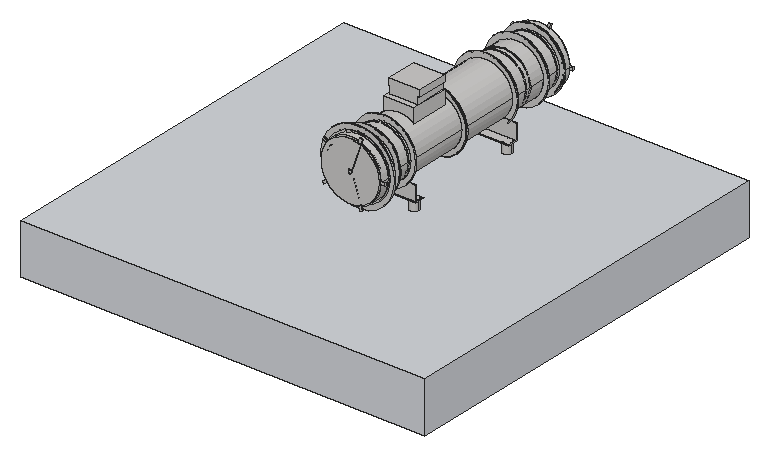
Revit family "HARMANN - REVIT - MAXEE - poziomy", category Wyposażenie mechaniczne, Revit 2025
Family settings
  Obiekt nadrzędny = Powierzchnia
  Wymiar okrągłego złącza = Użyj średnicy
  Klasyfikacja = Brak
  Typ części = Normalny
  Tnij formami wycięć po wczytaniu = Nie
  Zachowaj orientację opisów = Nie
  Współdzielony = Nie
  Punkt obliczania pomieszczeń = Nie
Parameters (values of type "MAXEE 315/2/5800T")
  Zaznacz wybrane akcesoria [instance] = "Wybierz akcesoria"  # constant formula
  Zasilanie natężenie maksymalne Imax = 1.9 A
  Zasilanie napięcie nominalne Unom = 400 V  # constant formula
  Zasilanie Moc maksymalna Pmax = 1380 W
  Zasilanie Ilość faz = 3  # constant formula
  Zasilanie Częstotliwość Nominalna fnom = 50 Hz  # constant formula
  Zasilanie Częstotliwość Minimalna fmin = 20 Hz  # constant formula
  Zasilanie Częstotliwość Maksymalna fmax = 60 Hz
  Wysokość FSD = size_lookup(Lookup Table Name, "Wysokość FSD", 1.00 mm, N1)  # 57.00 mm
  Wysokość FAL = size_lookup(Lookup Table Name, "Wysokość FAL", 1.00 mm, N1)  # 98.00 mm
  Wysokość = R2 - (Wysokość FAL / 2) + 8.00 mm  # 116.50 mm
  Temperatura pracy T = 60 °C  # constant formula
  TRA [instance] = and(D > 999.00 mm, D < 1251.00 mm)  # no
  Rzeczywista Wartość Przepływu Wylot [instance] = Podaj Rzeczywistą Wartość Przepływu Wylot  # 0.0 m³/h
  Rzeczywista Wartość Przepływu Wlot [instance] = Podaj Rzeczywistą Wartość Przepływu Wlot  # 0.0 m³/h
  R2 = D / 2  # 157.50 mm
  Wyłącznik serwisowy AS [instance] = 1 = 1  # yes
  Podaj Rzeczywistą Wartość Przepływu Wylot [instance] = 0.0 m³/h
  Podaj Rzeczywistą Wartość Przepływu Wlot [instance] = 0.0 m³/h
  Odległość pomiędzy stopami wentylatora [instance] = if(Czy Przyłącze okrągłe RVS, 3.00 mm, Długość RVS SPR + 3.00 mm)  # 3.00 mm
  Numer artykułu = "15413200"
  Długość RVS SPR [instance] = if(Czy Przyłącze okrągłe RVS, Długość RVS, 0.00 mm)  # 383.00 mm
  Długość RVK H SPR [instance] = if(Czy Klapa Zwrotna RVK H, Długość RVK H, 0.00 mm)  # 233.00 mm
  Długość RVK H [instance] = size_lookup(Lookup Table Name, "Długość RVK H F4", 1.00 mm, N1)  # 233.00 mm
  Długość EXP od strony tłoczonej SPR [instance] = if(Czy Złącze Elastyczne EXP, Długość EXP, 0.00 mm)  # 120.00 mm
  Długość EXP SPR [instance] = if(Czy Złącze Elastyczne EXP od strony tłocznej, Długość EXP, 0.00 mm)  # 120.00 mm
  Długość RAF SPR [instance] = if(Czy Kołnierz Wlotowy RAF od strony tłocznej, Długość RAF, 0.00 mm)  # 48.00 mm
  Długość ESD SPR [instance] = if(Czy Dysza wlotowa ESD, Długość ESD, 0.00 mm)  # 79.00 mm
  Czy Siatka Ochronna SGW od strony ssawnej [instance] = yes
  Czy Siatka Ochronna SGW od strony tłocznej [instance] = yes
  Czy Przyłącze okrągłe RVS [instance] = yes
  Powietrze ciśnienie statyczne maksymalne dPmax = 490.0 Pa
  Powietrze Przepływ Maksymalny Qmax = 5805.0 m³/h
  Obroty nominalne nnom = 3460.000 obr./min
  N1 = 2 mm
  Model = "MAXEE 315/2/5800T"
  Moc akustyczna nominalna obudowa Lwa = "75 dB(A)"
  Masa = 18.50 kg
  Producent = "Harmann Polska Sp. z o.o."  # constant formula
  MAXEE = HARMANN - MAXEE : MAXEE 315/2/5800T
  Lookup Table Name = "MAXEE"
  Klasa odporności ogniowej Tmax = "Brak"
  F = size_lookup(Lookup Table Name, "F", 1.00 mm, N1)  # 396.00 mm
  Długość TRA [instance] = if(Czy Przyłącze okrągłe RVS, Długość RVS + Długość MAXEE - (23.50 mm * 2), Długość MAXEE - (23.50 mm * 2))  # 719.00 mm
  Długość RVS [instance] = size_lookup(Lookup Table Name, "Długość RVS", 1.00 mm, N1)  # 383.00 mm
  Długość EXP [instance] = size_lookup(Lookup Table Name, "Długość RAS F4", 1.00 mm, N1)  # 120.00 mm
  Długość RAF [instance] = size_lookup(Lookup Table Name, "Długość RAF", 1.00 mm, N1)  # 48.00 mm
  Długość MAXEE = size_lookup(Lookup Table Name, "B", 1.00 mm, N1)  # 383.00 mm
  Długość ESD [instance] = size_lookup(Lookup Table Name, "Długość ESD", 1.00 mm, N1)  # 79.00 mm
  Opis = "Kanałowy wentylator bytowy"  # constant formula
  Domyślna rzędna = 1219.20 mm
  D2 = D + 6.00 mm  # 321.00 mm
  D = size_lookup(Lookup Table Name, "D", 1.00 mm, N1)  # 315.00 mm
  Czy Złącze Elastyczne EXP [instance] = yes
  Czy Złącze Elastyczne EXP od strony tłocznej [instance] = yes
  Czy Kołnierz Wlotowy RAF od strony tłocznej [instance] = 1 = 1  # yes
  Czy Kołnierz Wlotowy RAF od strony ssawnej [instance] = 1 = 1  # yes
  Czy Klapa Zwrotna RVK H [instance] = yes
  Czy Dysza wlotowa ESD [instance] = yes
  Ciśnienie akustyczne nominalne obudowa Lpa = "68 dB(A)"
  C = size_lookup(Lookup Table Name, "C", 1.00 mm, N1)  # 355.00 mm
  B = size_lookup(Lookup Table Name, "B", 1.00 mm, N1)  # 383.00 mm
  Autor = "https://www.archispace.com/"
  Akcesoria od strony tłocznej (WYLOT) [instance] = "Akcesoria od strony tłocznej"  # constant formula
  Akcesoria od strony ssawnej (WLOT) [instance] = "Akcesoria od strony ssawnej"  # constant formula
  Akc SGE dla ESD = HARMANN - Akcesoria - SGE : SGE 355
  Akc SGE = HARMANN - Akcesoria - SGE : SGE 315
  Akc RVS = HARMANN - Akcesoria - RVS : RVS 315
  Akc RVK H = HARMANN - Akcesoria - RVK H : RVK H 315
  Akc EXP = HARMANN - Akcesoria - EXP : EXP 315
  Akc RAF = HARMANN - Akcesoria - RAF : RAF 315
  Akc FSD = HARMANN - Akcesoria - FSD : FSD 01
  Akc FAL = HARMANN - Akcesoria - FAL : FAL 315
  Akc ESD = HARMANN - Akcesoria - ESD : ESD 315
  A = size_lookup(Lookup Table Name, "A", 1.00 mm, N1)  # 380.00 mm
Reference planes
  plane 1 "Center (Front/Back)": y = 0
  plane 2: z = 0
  plane 3 "Center (Left/Right)": x = 0
  plane 4: z = 57
  plane 5: z = 271.5
  plane 6: y = 766
  plane 7: y = 383
  plane 8: y = -120
  plane 9: y = -199
  plane 10: y = 1119
  plane 11: y = 1167
  plane 12: y = 999
  plane 13: y = 54
  plane 14: y = 763
  plane 15: x = -190
  plane 16: x = 190
  plane 17: z = 155
  plane 18: y = -247
Forms (mm)
  Extrusion 1, solid
    sketch origin (0, 0, 0) x (1, 0, 0) y (0, 1, 0)
      loop
        line (-1219.2, 1219.2) -> (-1219.2, -1219.2) -> (1219.2, -1219.2) -> (1219.2, 1219.2) -> (-1219.2, 1219.2)
    from 0 to -304.8
Dimensions and locks
  "Wysokość FSD": plane 4 to level
  "Wysokość": plane 5 to plane 17
  "Długość RVS SPR": plane 6 to plane 7
  "Długość MAXEE": plane 1 "Center (Front/Back)" to plane 7
  "Długość EXP od strony tłoczonej SPR": plane 8 to plane 1 "Center (Front/Back)"
  "Długość ESD SPR": plane 8 to plane 9
  "Długość RAF SPR": plane 11 to plane 10
  "Długość RVK H SPR": plane 12 to plane 6
  "Długość EXP SPR": plane 10 to plane 12
  locked: plane 13 to plane 1 "Center (Front/Back)" at 54
  "Odległość pomiędzy stopami wentylatora": plane 6 to plane 14
  equal spacing: plane 15, plane 3 "Center (Left/Right)", plane 16
  "A": plane 15 to plane 16
  locked: plane 15 to nested 17 at 32.5
  locked: plane 14 to nested 17 at 5
  "Wysokość FAL": plane 17 to plane 4
  locked: nested 21 to plane 16 at 32.5
  locked: plane 14 to nested 21 at 31
  locked: plane 1 "Center (Front/Back)" to nested 23 at 31
  locked: plane 1 "Center (Front/Back)" to nested 22 at 31
  locked: plane 15 to nested 22 at 32.5
  locked: nested 23 to plane 16 at 32.5
  plane 5 to level = 271.50 mm
  locked: plane 1 "Center (Front/Back)" to nested 24 at 23.5
  locked: plane 1 "Center (Front/Back)" to nested 25 at 23.5
  "Długość RAF SPR": plane 9 to plane 18
  nested 26 to plane 16 = 190.00 mm
  aligned and locked: plane 2 to Extrusion 1
  aligned and locked: level to Extrusion 1
  aligned and locked: plane 3 "Center (Left/Right)" to nested 3
  aligned and locked: plane 5 to nested 3
  aligned and locked: nested 3 to plane 6
  aligned and locked: plane 1 "Center (Front/Back)" to nested 5
  aligned and locked: plane 3 "Center (Left/Right)" to nested 5
  aligned and locked: plane 5 to nested 5
  aligned and locked: plane 3 "Center (Left/Right)" to nested 1
  aligned and locked: plane 3 "Center (Left/Right)" to nested 6
  aligned and locked: plane 3 "Center (Left/Right)" to nested 2
  aligned and locked: plane 5 to nested 7
  aligned and locked: plane 5 to nested 6
  aligned and locked: plane 5 to nested 1
  aligned and locked: plane 5 to nested 2
  aligned and locked: plane 1 "Center (Front/Back)" to nested 6
  aligned and locked: nested 7 to plane 9
  aligned and locked: plane 3 "Center (Left/Right)" to nested 7
  aligned and locked: nested 1 to plane 10
  aligned and locked: nested 2 to plane 11
  aligned and locked: plane 5 to nested 12
  aligned and locked: plane 3 "Center (Left/Right)" to nested 12
  aligned and locked: nested 12 to plane 12
  aligned and locked: nested 15 to plane 3 "Center (Left/Right)"
  aligned and locked: plane 3 "Center (Left/Right)" to nested 16
  aligned and locked: nested 16 to plane 11
  aligned and locked: nested 19 to plane 14
  aligned and locked: plane 3 "Center (Left/Right)" to nested 19
  aligned and locked: plane 1 "Center (Front/Back)" to nested 20
  aligned and locked: nested 20 to plane 3 "Center (Left/Right)"
  aligned and locked: nested 19 to plane 4
  aligned and locked: plane 4 to nested 20
  aligned and locked: nested 24 to plane 16
  aligned and locked: nested 25 to plane 15
  aligned and locked: nested 25 to plane 4
  aligned and locked: plane 4 to nested 24
  aligned and locked: nested 26 to plane 3 "Center (Left/Right)"
  aligned and locked: nested 15 to plane 18
  aligned and locked: plane 5 to nested 26
  aligned and locked: plane 5 to nested 15
  aligned and locked: nested 26 to plane 18
  aligned and locked: plane 5 to nested 16
Automatic sketch dimensions
  Extrusion 1 sketch curve to Extrusion 1 sketch curve = 2438.40 mm  (x2)
Nested families
  nested 1: "HARMANN - Akcesoria - EXP" at (0, 999, 271.5), visible <- "Czy Złącze Elastyczne EXP od strony tłocznej", type <- "Akc EXP", type "EXP 315"
  nested 2: "HARMANN - Akcesoria - RAF" at (0, 1119, 271.5), type <- "Akc RAF", visible <- "Czy Kołnierz Wlotowy RAF od strony tłocznej", type "RAF 315"
  nested 3: "HARMANN - Akcesoria - RVS" at (0, 383, 271.5), type <- "Akc RVS", visible <- "Czy Przyłącze okrągłe RVS", type "RVS 315"
  nested 4: "HARMANN - Akcesoria - RVS" at (0, 383, 758), type <- "Akc RVS", visible <- "Czy Przyłącze okrągłe RVS", type "RVS 315", not visible
  nested 5: "HARMANN - MAXEE" at (0, 0, 271.5), type <- "MAXEE", type "MAXEE 315/2/5800T"
  nested 6: "HARMANN - Akcesoria - EXP" at (0, -120, 271.5), visible <- "Czy Złącze Elastyczne EXP", type <- "Akc EXP", type "EXP 315"
  nested 7: "HARMANN - Akcesoria - ESD" at (0, -199, 271.5), type <- "Akc ESD", visible <- "Czy Dysza wlotowa ESD", type "ESD 315"
  nested 8: "HARMANN - Akcesoria - EXP" at (0, -120, 758), visible <- "Czy Złącze Elastyczne EXP", type <- "Akc EXP", type "EXP 315", not visible
  nested 9: "HARMANN - Akcesoria - ESD" at (0, -759, 758), type <- "Akc ESD", visible <- "Czy Dysza wlotowa ESD", type "ESD 315", not visible
  nested 10: "HARMANN - Akcesoria - EXP" at (0, 1306, 758), visible <- "Czy Złącze Elastyczne EXP od strony tłocznej", type <- "Akc EXP", type "EXP 315", not visible
  nested 11: "HARMANN - Akcesoria - RAF" at (0, 1526, 758), type <- "Akc RAF", visible <- "Czy Kołnierz Wlotowy RAF od strony tłocznej", type "RAF 315", not visible
  nested 12: "HARMANN - Akcesoria - RVK H" at (0, 766, 271.5), visible <- "Czy Klapa Zwrotna RVK H", type <- "Akc RVK H", type "RVK H 315"
    with N1 1 mm, E 233.00 mm, D 319.00 mm, B 315.00 mm, A2 385.00 mm, A 355.00 mm
  nested 13: "HARMANN - Akcesoria - RVK H" at (0, 833, 415.5), visible <- "Czy Klapa Zwrotna RVK H", type <- "Akc RVK H", type "RVK H 315", not visible
    with N1 1 mm, E 233.00 mm, D 319.00 mm, B 315.00 mm, A2 385.00 mm, A 355.00 mm
  nested 14: "HARMANN - Akcesoria - SGE" at (0, -431, 758), visible <- "Czy Siatka Ochronna SGW od strony ssawnej", type <- "Akc SGE dla ESD", type "SGE 355", not visible
  nested 15: "HARMANN - Akcesoria - SGE" at (0, -247, 271.5), visible <- "Czy Siatka Ochronna SGW od strony ssawnej", type <- "Akc SGE dla ESD", type "SGE 355"
  nested 16: "HARMANN - Akcesoria - SGE" at (0, 1167, 271.5), visible <- "Czy Siatka Ochronna SGW od strony tłocznej", type <- "Akc SGE dla ESD", type "SGE 355"
  nested 17: "HARMANN - Akcesoria - FSD" at (-157.5, 732, 0), type <- "Akc FSD", type "FSD 01"
  nested 18: "HARMANN - Akcesoria - SGE" at (0, 1167, 647), visible <- "Czy Siatka Ochronna SGW od strony tłocznej", type <- "Akc SGE dla ESD", type "SGE 355", not visible
  nested 19: "HARMANN - Akcesoria - FAL" at (0, 763, 57), type <- "Akc FAL", R2 <- "R2", type "FAL 315"
    with R2 157.50 mm
  nested 20: "HARMANN - Akcesoria - FAL" at (0, 0, 57), type <- "Akc FAL", R2 <- "R2", type "FAL 315"
    with R2 157.50 mm
  nested 21: "HARMANN - Akcesoria - FSD" at (157.5, 732, 0), type <- "Akc FSD", type "FSD 01"
  nested 22: "HARMANN - Akcesoria - FSD" at (-157.5, 31, 0), type <- "Akc FSD", type "FSD 01"
  nested 23: "HARMANN - Akcesoria - FSD" at (157.5, 31, 0), type <- "Akc FSD", type "FSD 01"
  nested 24: "HARMANN - Akcesoria - TRA" at (190, 383, 57) x (0, 1, 0) z (0, 0, 1), visible <- "TRA", C <- "Długość TRA", type "HARMANN - Akcesoria - TRA"
    with C 719.00 mm
  nested 25: "HARMANN - Akcesoria - TRA" at (-190, 383, 57) x (0, 1, 0) z (0, 0, 1), visible <- "TRA", C <- "Długość TRA", type "HARMANN - Akcesoria - TRA"
    with C 719.00 mm
  nested 26: "HARMANN - Akcesoria - RAF" at (0, -199, 271.5), type <- "Akc RAF", visible <- "Czy Kołnierz Wlotowy RAF od strony ssawnej", type "RAF 315"
  nested 27: "HARMANN - Akcesoria - RAF" at (0, -799, 727), type <- "Akc RAF", visible <- "Czy Kołnierz Wlotowy RAF od strony ssawnej", type "RAF 315", not visible
Connectors
  electrical at (0, 244.75, 564), driven by "Zasilanie Ilość faz", driven by "Zasilanie napięcie nominalne Unom", driven by "Zasilanie Moc maksymalna Pmax", driven by "Zasilanie Moc maksymalna Pmax"
    settings: on nested 5, index 1, voltage 400 V, apparent load 1380 VA, apparent load phase1 1380 VA, apparent load phase2 0 VA, apparent load phase3 0 VA, power factor 1, load classification "Other", number of poles 3, system type 30, power factor state 1, is connector primary yes, connector utility no, sub classification motor no, connector description ""
  hvac at (0, 1119, 271.5), driven by "D", driven by "Rzeczywista Wartość Przepływu Wylot"
    settings: on nested 2, index 2, duct flow 0.0 m³/h, flow factor 0, pres drop 0.0 Pa, loss coef 0, conn angle 0.00°, conn width 304.8 mm, conn height 304.8 mm, conn diameter 315 mm, duct sys type 29, conn prof type 0, flow config 0, flow direction 2, loss method 0, conn ref index -1, conn util no, is conn primary yes, conn desc ""
  hvac at (0, -199, 271.5), driven by "D", driven by "Rzeczywista Wartość Przepływu Wlot"
    settings: on nested 26, index 3, duct flow 0.0 m³/h, flow factor 0, pres drop 0.0 Pa, loss coef 0, conn angle 0.00°, conn width 304.8 mm, conn height 304.8 mm, conn diameter 315 mm, duct sys type 29, conn prof type 0, flow config 1, flow direction 1, loss method 0, conn ref index -1, conn util no, is conn primary no, conn desc ""
Definition of nested family "HARMANN - Akcesoria - EXP"
  Parameters (values of type "RAS 315 F4")
    N1 = 1 mm
    Model = size_lookup(Lookup Table Name, "Model", "n/a", N1)  # "RAS 315 F4"
    Masa = 2.70 kg
    Manufacturer = "Harmann Polska Sp. z o.o."  # constant formula
    Lookup Table Name = "RAS F4"
    E = size_lookup(Lookup Table Name, "E", 1.00 mm, N1)  # 120.00 mm
    Description = "Złącze elastyczne"  # constant formula
    Default Elevation = 0.00 mm
    D = B + 4.00 mm  # 319.00 mm
    B = size_lookup(Lookup Table Name, "B", 1.00 mm, N1)  # 315.00 mm
    A2 = A + 30.00 mm  # 385.00 mm
    A = size_lookup(Lookup Table Name, "A", 1.00 mm, N1)  # 355.00 mm
  Types (13, lengths in mm): name | N1 | Model | Masa | E | D | B | A2 | A
    RAS 1000 F4 | 11 | "RAS 1000 F4" | 16.50 kg | 245.00 | 1004.00 | 1000.00 | 1100.00 | 1070.00
    RAS 315 F4 | 1 | "RAS 315 F4" | 2.70 kg | 120.00 | 319.00 | 315.00 | 385.00 | 355.00
    RAS 355 F4 | 2 | "RAS 355 F4" | 3.30 kg | 120.00 | 359.00 | 355.00 | 425.00 | 395.00
    RAS 400 F4 | 3 | "RAS 400 F4" | 3.70 kg | 105.00 | 404.00 | 400.00 | 480.00 | 450.00
    RAS 450 F4 | 4 | "RAS 450 F4" | 4.50 kg | 105.00 | 454.00 | 450.00 | 530.00 | 500.00
    RAS 500 F4 | 5 | "RAS 500 F4" | 6.00 kg | 153.00 | 504.00 | 500.00 | 590.00 | 560.00
    RAS 560 F4 | 6 | "RAS 560 F4" | 6.60 kg | 153.00 | 564.00 | 560.00 | 650.00 | 620.00
    RAS 630 F4 | 7 | "RAS 630 F4" | 7.40 kg | 153.00 | 634.00 | 630.00 | 720.00 | 690.00
    RAS 710 F4 | 8 | "RAS 710 F4" | 12.50 kg | 255.00 | 714.00 | 710.00 | 800.00 | 770.00
    RAS 800 F4 | 9 | "RAS 800 F4" | 13.20 kg | 255.00 | 804.00 | 800.00 | 890.00 | 860.00
    RAS 900 F4 | 10 | "RAS 900 F4" | 14.90 kg | 245.00 | 904.00 | 900.00 | 1000.00 | 970.00
    RAS 1120 F4 | 12 | "RAS 1120 F4" | 18.50 kg | 235.00 | 1124.00 | 1120.00 | 1220.00 | 1190.00
    RAS 1250 F4 | 13 | "RAS 1250 F4" | 20.60 kg | 235.00 | 1254.00 | 1250.00 | 1350.00 | 1320.00
  Reference planes
    plane 1 "Center (Front/Back)": y = 0
    plane 2: z = 0
    plane 3 "Center (Left/Right)": x = 0
    plane 4: x = -177.5
    plane 5: x = 177.5
    plane 6: z = 177.5
    plane 7: z = -177.5
    plane 8: y = 120
    plane 9 "Center L/S": y = 3
    plane 10: y = 117
    plane 11: y = 20
    plane 12: y = 100
  Forms (mm)
    Sweep 1, solid, detail levels medium+fine
      path origin (0, 0, 0) x (1, 0, 0) y (0, 1, 0)
        loop
          line (0, 117) -> (0, 3)
      profile origin (0, 60, 0) x (1, 0, 0) y (0, 0, 1)
        loop
          circle (0, 0) r 159.5
        loop
          circle (0, 0) r 157.5
    Sweep 2, solid, detail levels medium+fine
      path origin (0, 0, 0) x (1, 0, 0) y (0, 1, 0)
        loop
          line (0, 120) -> (0, 117)
      profile origin (0, 118.5, 0) x (1, 0, 0) y (0, 0, 1)
        loop
          circle (0, 0) r 192.5
        loop
          circle (0, 0) r 157.5
    Sweep 3, solid, detail levels medium+fine
      path origin (0, 0, 0) x (1, 0, 0) y (0, 1, 0)
        loop
          line (0, 3) -> (0, 0)
      profile origin (0, 1.5, 0) x (1, 0, 0) y (0, 0, 1)
        loop
          circle (0, 0) r 192.5
        loop
          circle (0, 0) r 157.5
    Sweep 4, solid, detail levels coarse
      path origin (0, 0, 0) x (1, 0, 0) y (0, 1, 0)
        loop
          line (0, 120) -> (0, 0)
      profile origin (0, 60, 0) x (1, 0, 0) y (0, 0, 1)
        loop
          circle (0, 0) r 192.5
    Sweep 5, solid, detail levels medium+fine
      path origin (0, 0, 0) x (1, 0, 0) y (0, 1, 0)
        loop
          line (0, 102) -> (0, 98)
      profile origin (0, 100, 0) x (1, 0, 0) y (0, 0, 1)
        loop
          circle (0, 0) r 159.5
        loop
          circle (0, 0) r 157.5
    Sweep 6, solid, detail levels medium+fine
      path origin (0, 0, 0) x (1, 0, 0) y (0, 1, 0)
        loop
          line (0, 22) -> (0, 18)
      profile origin (0, 20, 0) x (1, 0, 0) y (0, 0, 1)
        loop
          circle (0, 0) r 159.5
        loop
          circle (0, 0) r 157.5
  Dimensions and locks
    equal spacing: plane 5, plane 3 "Center (Left/Right)", plane 4
    "A": plane 5 to plane 4
    equal spacing: plane 6, level, plane 7
    "A": plane 6 to plane 7
    locked: plane 1 "Center (Front/Back)" to plane 9 "Center L/S" at 3
    locked: plane 10 to plane 8 at 3
    locked: plane 11 to plane 8 at 100
    "E": plane 1 "Center (Front/Back)" to plane 8
    locked: plane 1 "Center (Front/Back)" to plane 12 at 100
    equal spacing: Sweep 5 sketch curve, plane 12, Sweep 5 sketch curve
    Sweep 5 sketch curve to Sweep 5 sketch curve = 4.00 mm
    locked: Sweep 6 sketch curve to Sweep 6 sketch curve at 4
    equal spacing: Sweep 6 sketch curve, plane 11, Sweep 6 sketch curve
    "B": diameter of Sweep 1 sketch curve
    "B": diameter of Sweep 2 sketch curve
    "A2": diameter of Sweep 2 sketch curve
    "B": diameter of Sweep 3 sketch curve
    "A2": diameter of Sweep 3 sketch curve
    "A2": diameter of Sweep 4 sketch curve
    "D": diameter of Sweep 1 sketch curve
    "D": diameter of Sweep 5 sketch curve
    "B": diameter of Sweep 5 sketch curve
    "D": diameter of Sweep 6 sketch curve
    "B": diameter of Sweep 6 sketch curve
    aligned and locked: level to plane 2
    aligned and locked: Sweep 1 sketch curve to plane 3 "Center (Left/Right)"
    aligned and locked: plane 10 to Sweep 1 sketch curve
    aligned and locked: plane 9 "Center L/S" to Sweep 1 sketch curve
    aligned and locked: Sweep 2 sketch curve to plane 3 "Center (Left/Right)"
    aligned and locked: plane 8 to Sweep 2 sketch curve
    aligned and locked: plane 10 to Sweep 2 sketch curve
    aligned and locked: plane 1 "Center (Front/Back)" to Sweep 3 sketch curve
    aligned and locked: plane 9 "Center L/S" to Sweep 3 sketch curve
    aligned and locked: plane 8 to Sweep 4 sketch curve
    aligned and locked: plane 1 "Center (Front/Back)" to Sweep 4 sketch curve
  Automatic sketch dimensions
    Sweep 3 sketch curve to plane 3 "Center (Left/Right)" = 0.00 mm
    Sweep 4 sketch curve to plane 3 "Center (Left/Right)" = 0.00 mm
    Sweep 5 sketch curve to plane 3 "Center (Left/Right)" = 0.00 mm
    Sweep 6 sketch curve to plane 3 "Center (Left/Right)" = 0.00 mm
    Sweep 1 sketch curve to Sweep 1 sketch curve = 0.00 mm  (x2)
    Sweep 1 sketch curve to level = 0.00 mm
    profile plane to Sweep 1 sketch curve = 0.00 mm
    Sweep 2 sketch curve to Sweep 2 sketch curve = 0.00 mm  (x2)
    Sweep 2 sketch curve to level = 0.00 mm
    profile plane to Sweep 2 sketch curve = 0.00 mm
    Sweep 3 sketch curve to Sweep 3 sketch curve = 0.00 mm  (x2)
    Sweep 3 sketch curve to level = 0.00 mm
    profile plane to Sweep 3 sketch curve = 0.00 mm
    Sweep 4 sketch curve to level = 0.00 mm
    profile plane to Sweep 4 sketch curve = 0.00 mm
    Sweep 5 sketch curve to Sweep 5 sketch curve = 0.00 mm  (x2)
    Sweep 5 sketch curve to level = 0.00 mm
    profile plane to Sweep 5 sketch curve = 0.00 mm
    Sweep 6 sketch curve to Sweep 6 sketch curve = 0.00 mm  (x2)
    Sweep 6 sketch curve to level = 0.00 mm
    profile plane to Sweep 6 sketch curve = 0.00 mm
Definition of nested family "HARMANN - Akcesoria - RAF"
  Parameters (values of type "RAF 1250")
    Numer artykułu = size_lookup(Lookup Table Name, "Numer artykułu", "n/a", N1)  # "15750300"
    N1 = 13 mm
    Model = size_lookup(Lookup Table Name, "Model", "n/a", N1)  # "RAF 1250"
    Manufacturer = "Harmann Polska Sp. z o.o."  # constant formula
    Lookup Table Name = "RAF"
    E = size_lookup(Lookup Table Name, "E", 1.00 mm, N1)  # 105.00 mm
    Description = "Kołnierz wlotowy dedykowany dla wentylatorów kanałowych MAXEE."
    Default Elevation = 0.00 mm
    B = size_lookup(Lookup Table Name, "B", 1.00 mm, N1)  # 1244.00 mm
    A2 = A + 30.00 mm  # 1350.00 mm
    B2 = B + 54.00 mm  # 1298.00 mm
    A = size_lookup(Lookup Table Name, "A", 1.00 mm, N1)  # 1320.00 mm
  Types (13, lengths in mm): name | Numer artykułu | N1 | Model | E | B | A2 | B2 | A
    RAF 1000 | "15741400" | 11 | "RAF 1000" | 110.00 | 994.00 | 1100.00 | 1048.00 | 1070.00
    RAF 315 | "15401600" | 1 | "RAF 315" | 48.00 | 310.00 | 385.00 | 364.00 | 355.00
    RAF 355 | "15401800" | 2 | "RAF 355" | 48.00 | 350.00 | 425.00 | 404.00 | 395.00
    RAF 400 | "15401900" | 3 | "RAF 400" | 40.00 | 395.00 | 480.00 | 449.00 | 450.00
    RAF 450 | "15402000" | 4 | "RAF 450" | 40.00 | 446.00 | 530.00 | 500.00 | 500.00
    RAF 500 | "15402100" | 5 | "RAF 500" | 63.00 | 495.00 | 590.00 | 549.00 | 560.00
    RAF 560 | "15402200" | 6 | "RAF 560" | 63.00 | 555.00 | 650.00 | 609.00 | 620.00
    RAF 630 | "15402300" | 7 | "RAF 630" | 63.00 | 625.00 | 720.00 | 679.00 | 690.00
    RAF 710 | "15402400" | 8 | "RAF 710" | 59.00 | 705.00 | 800.00 | 759.00 | 770.00
    RAF 800 | "15739500" | 9 | "RAF 800" | 58.00 | 794.00 | 890.00 | 848.00 | 860.00
    RAF 900 | "15740600" | 10 | "RAF 900" | 53.00 | 894.00 | 1000.00 | 948.00 | 970.00
    RAF 1120 | "15749700" | 12 | "RAF 1120" | 105.00 | 1114.00 | 1220.00 | 1168.00 | 1190.00
    RAF 1250 | "15750300" | 13 | "RAF 1250" | 105.00 | 1244.00 | 1350.00 | 1298.00 | 1320.00
  Reference planes
    plane 1 "Center (Front/Back)": y = 0
    plane 2: z = 0
    plane 3 "Center (Left/Right)": x = 0
    plane 4: x = -660
    plane 5: x = 660
    plane 6: z = 660
    plane 7: z = -660
    plane 8: y = 105
    plane 9 "Center L/S": y = 3
  Forms (mm)
    Sweep 1, solid, detail levels medium+fine
      path origin (0, 0, 0) x (1, 0, 0) y (0, 1, 0)
        loop
          line (0, 105) -> (0, 3)
      profile origin (0, 54, 0) x (1, 0, 0) y (0, 0, 1)
        loop
          circle (0, 0) r 622
        loop
          circle (0, 0) r 649
    Sweep 2, solid, detail levels medium+fine
      path origin (0, 0, 0) x (1, 0, 0) y (0, 1, 0)
        loop
          line (0, 3) -> (0, 0)
      profile origin (0, 1.5, 0) x (1, 0, 0) y (0, 0, 1)
        loop
          circle (0, 0) r 675
        loop
          circle (0, 0) r 622
    Sweep 3, solid, detail levels coarse
      path origin (0, 0, 0) x (1, 0, 0) y (0, 1, 0)
        loop
          line (0, 105) -> (0, 0)
      profile origin (0, 52.5, 0) x (1, 0, 0) y (0, 0, 1)
        loop
          circle (0, 0) r 675
  Dimensions and locks
    equal spacing: plane 5, plane 3 "Center (Left/Right)", plane 4
    "A": plane 5 to plane 4
    equal spacing: plane 6, level, plane 7
    "A": plane 6 to plane 7
    locked: plane 1 "Center (Front/Back)" to plane 9 "Center L/S" at 3
    "E": plane 1 "Center (Front/Back)" to plane 8
    "B2": diameter of Sweep 1 sketch curve
    "B": diameter of Sweep 2 sketch curve
    "A2": diameter of Sweep 2 sketch curve
    "A2": diameter of Sweep 3 sketch curve
    "B": diameter of Sweep 1 sketch curve
    aligned and locked: level to plane 2
    aligned and locked: Sweep 1 sketch curve to plane 3 "Center (Left/Right)"
    aligned and locked: plane 9 "Center L/S" to Sweep 1 sketch curve
    aligned and locked: plane 1 "Center (Front/Back)" to Sweep 2 sketch curve
    aligned and locked: plane 9 "Center L/S" to Sweep 2 sketch curve
    aligned and locked: plane 8 to Sweep 3 sketch curve
    aligned and locked: plane 1 "Center (Front/Back)" to Sweep 3 sketch curve
    aligned and locked: plane 8 to Sweep 1 sketch curve
  Automatic sketch dimensions
    Sweep 2 sketch curve to plane 3 "Center (Left/Right)" = 0.00 mm
    Sweep 3 sketch curve to plane 3 "Center (Left/Right)" = 0.00 mm
    Sweep 1 sketch curve to Sweep 1 sketch curve = 0.00 mm  (x2)
    Sweep 1 sketch curve to level = 0.00 mm
    profile plane to Sweep 1 sketch curve = 0.00 mm
    Sweep 2 sketch curve to Sweep 2 sketch curve = 0.00 mm  (x2)
    Sweep 2 sketch curve to level = 0.00 mm
    profile plane to Sweep 2 sketch curve = 0.00 mm
    Sweep 3 sketch curve to level = 0.00 mm
    profile plane to Sweep 3 sketch curve = 0.00 mm
Definition of nested family "HARMANN - Akcesoria - RVS"
  Parameters (values of type "RVS 1250")
    N1 = 13 mm
    Model = size_lookup(Lookup Table Name, "Model", "n/a", N1)  # "RVS 1250"
    Manufacturer = "Harmann Polska Sp. z o.o."  # constant formula
    Lookup Table Name = "RVS"
    E = size_lookup(Lookup Table Name, "E", 1.00 mm, N1)  # 308.00 mm
    Description = "Przyłącze okrągłe"  # constant formula
    Default Elevation = 0.00 mm
    B2 = B + 6.00 mm  # 1256.00 mm
    B = size_lookup(Lookup Table Name, "B", 1.00 mm, N1)  # 1250.00 mm
    A2 = A + 30.00 mm  # 1350.00 mm
    A = size_lookup(Lookup Table Name, "A", 1.00 mm, N1)  # 1320.00 mm
  Types (13, lengths in mm): name | N1 | Model | E | B2 | B | A2 | A
    RVS 1000 | 11 | "RVS 1000" | 318.00 | 1006.00 | 1000.00 | 1100.00 | 1070.00
    RVS 315 | 1 | "RVS 315" | 383.00 | 321.00 | 315.00 | 385.00 | 355.00
    RVS 355 | 2 | "RVS 355" | 368.00 | 321.00 | 315.00 | 385.00 | 355.00
    RVS 400 | 3 | "RVS 400" | 368.00 | 406.00 | 400.00 | 480.00 | 450.00
    RVS 450 | 4 | "RVS 450" | 368.00 | 456.00 | 450.00 | 530.00 | 500.00
    RVS 500 | 5 | "RVS 500" | 443.00 | 506.00 | 500.00 | 590.00 | 560.00
    RVS 560 | 6 | "RVS 560" | 443.00 | 566.00 | 560.00 | 650.00 | 620.00
    RVS 630 | 7 | "RVS 630" | 443.00 | 636.00 | 630.00 | 720.00 | 690.00
    RVS 710 | 8 | "RVS 710" | 433.00 | 716.00 | 710.00 | 800.00 | 770.00
    RVS 800 | 9 | "RVS 800" | 328.00 | 806.00 | 800.00 | 890.00 | 860.00
    RVS 900 | 10 | "RVS 900" | 318.00 | 906.00 | 900.00 | 1000.00 | 970.00
    RVS 1120 | 12 | "RVS 1120" | 308.00 | 1126.00 | 1120.00 | 1220.00 | 1190.00
    RVS 1250 | 13 | "RVS 1250" | 308.00 | 1256.00 | 1250.00 | 1350.00 | 1320.00
  Reference planes
    plane 1 "Center (Front/Back)": y = 0
    plane 2: z = 0
    plane 3 "Center (Left/Right)": x = 0
    plane 4: x = -660
    plane 5: x = 660
    plane 6: z = 660
    plane 7: z = -660
    plane 8: y = 308
    plane 9 "Center L/S": y = 3
    plane 10: y = 305
    plane 11: y = 208
    plane 12: y = 318
  Forms (mm)
    Sweep 1, solid, detail levels medium+fine
      path origin (0, 0, 0) x (1, 0, 0) y (0, 1, 0)
        loop
          line (0, 305) -> (0, 3)
      profile origin (0, 154, 0) x (1, 0, 0) y (0, 0, 1)
        loop
          circle (0, 0) r 628
        loop
          circle (0, 0) r 625
    Sweep 2, solid, detail levels medium+fine
      path origin (0, 0, 0) x (1, 0, 0) y (0, 1, 0)
        loop
          line (0, 308) -> (0, 305)
      profile origin (0, 306.5, 0) x (1, 0, 0) y (0, 0, 1)
        loop
          circle (0, 0) r 675
        loop
          circle (0, 0) r 625
    Sweep 3, solid, detail levels medium+fine
      path origin (0, 0, 0) x (1, 0, 0) y (0, 1, 0)
        loop
          line (0, 3) -> (0, 0)
      profile origin (0, 1.5, 0) x (1, 0, 0) y (0, 0, 1)
        loop
          circle (0, 0) r 675
        loop
          circle (0, 0) r 625
    Sweep 4, solid, detail levels coarse
      path origin (0, 0, 0) x (1, 0, 0) y (0, 1, 0)
        loop
          line (0, 308) -> (0, 0)
      profile origin (0, 154, 0) x (1, 0, 0) y (0, 0, 1)
        loop
          circle (0, 0) r 675
  Dimensions and locks
    equal spacing: plane 5, plane 3 "Center (Left/Right)", plane 4
    "A": plane 5 to plane 4
    equal spacing: plane 6, level, plane 7
    "A": plane 6 to plane 7
    locked: plane 1 "Center (Front/Back)" to plane 9 "Center L/S" at 3
    locked: plane 10 to plane 8 at 3
    locked: plane 11 to plane 8 at 100
    "E": plane 1 "Center (Front/Back)" to plane 8
    "B": diameter of Sweep 1 sketch curve
    "B": diameter of Sweep 2 sketch curve
    "A2": diameter of Sweep 2 sketch curve
    "B": diameter of Sweep 3 sketch curve
    "A2": diameter of Sweep 3 sketch curve
    "A2": diameter of Sweep 4 sketch curve
    "B2": diameter of Sweep 1 sketch curve
    aligned and locked: level to plane 2
    aligned and locked: Sweep 1 sketch curve to plane 3 "Center (Left/Right)"
    aligned and locked: plane 10 to Sweep 1 sketch curve
    aligned and locked: plane 9 "Center L/S" to Sweep 1 sketch curve
    aligned and locked: Sweep 2 sketch curve to plane 3 "Center (Left/Right)"
    aligned and locked: plane 8 to Sweep 2 sketch curve
    aligned and locked: plane 10 to Sweep 2 sketch curve
    aligned and locked: plane 1 "Center (Front/Back)" to Sweep 3 sketch curve
    aligned and locked: plane 9 "Center L/S" to Sweep 3 sketch curve
    aligned and locked: plane 8 to Sweep 4 sketch curve
    aligned and locked: plane 1 "Center (Front/Back)" to Sweep 4 sketch curve
  Automatic sketch dimensions
    Sweep 3 sketch curve to plane 3 "Center (Left/Right)" = 0.00 mm
    Sweep 4 sketch curve to plane 3 "Center (Left/Right)" = 0.00 mm
    Sweep 1 sketch curve to Sweep 1 sketch curve = 0.00 mm  (x2)
    Sweep 1 sketch curve to level = 0.00 mm
    profile plane to Sweep 1 sketch curve = 0.00 mm
    Sweep 2 sketch curve to Sweep 2 sketch curve = 0.00 mm  (x2)
    Sweep 2 sketch curve to level = 0.00 mm
    profile plane to Sweep 2 sketch curve = 0.00 mm
    Sweep 3 sketch curve to Sweep 3 sketch curve = 0.00 mm  (x2)
    Sweep 3 sketch curve to level = 0.00 mm
    profile plane to Sweep 3 sketch curve = 0.00 mm
    Sweep 4 sketch curve to level = 0.00 mm
    profile plane to Sweep 4 sketch curve = 0.00 mm
Definition of nested family "HARMANN - MAXEE"
  Parameters (values of type "MAXEE 800/6/36800T")
    z = D - 100.00 mm  # 700.00 mm
    y = D - 200.00 mm  # 600.00 mm
    R = D2 / 2  # 403.00 mm
    Numer artykułu = size_lookup(Lookup Table Name, "Numer artykułu", "n/a", N1)  # "16254100"
    N1 = 20 mm
    Model = size_lookup(Lookup Table Name, "Model", "n/a", N1)  # "MAXEE.HT 800/6/36800T"
    Lookup Table Name = "MAXEE"
    F = size_lookup(Lookup Table Name, "F", 1.00 mm, N1)  # 670.00 mm
    Description = "Wentylator oddymiający"
    Default Elevation = 0.00 mm
    D2 = D + 6.00 mm  # 806.00 mm
    D = size_lookup(Lookup Table Name, "D", 1.00 mm, N1)  # 800.00 mm
    B = size_lookup(Lookup Table Name, "B", 1.00 mm, N1)  # 648.00 mm
    A = size_lookup(Lookup Table Name, "A", 1.00 mm, N1)  # 900.00 mm
  Types (40, lengths in mm): name | z | y | R | Numer artykułu | N1 | Model | Lookup Table Name | F | Description | D2 | D | B | A
    MAXEE 1250/6/119600T | 1150.00 | 1050.00 | 628.00 | "16259000" | 40 | "MAXEE.HT 1250/6/119600T" | "MAXEE" | 997.00 | "Wentylator oddymiający" | 1256.00 | 1250.00 | 728.00 | 1370.00
    MAXEE 1250/6/109300T | 1150.00 | 1050.00 | 628.00 | "16258100" | 39 | "MAXEE.HT 1250/6/109300T" | "MAXEE_HT" | 997.00 | "Wentylator oddymiający" | 1256.00 | 1250.00 | 728.00 | 1370.00
    MAXEE 1250/6/98500T | 1150.00 | 1050.00 | 628.00 | "16257600" | 38 | "MAXEE.HT 1250/6/98500T" | "MAXEE" | 997.00 | "Wentylator oddymiający" | 1256.00 | 1250.00 | 728.00 | 1370.00
    MAXEE 1250/6/79400T | 1150.00 | 1050.00 | 628.00 | "16256800" | 37 | "MAXEE.HT 1250/6/79400T" | "MAXEE" | 874.00 | "Wentylator oddymiający" | 1256.00 | 1250.00 | 728.00 | 1370.00
    MAXEE 1120/6/85800T | 1020.00 | 920.00 | 563.00 | "16270900" | 36 | "MAXEE.HT 1120/6/85800T" | "MAXEE_HT" | 967.00 | "Wentylator oddymiający" | 1126.00 | 1120.00 | 728.00 | 1240.00
    MAXEE 1120/6/71400T | 1020.00 | 920.00 | 563.00 | "16270400" | 35 | "MAXEE.HT 1120/6/71400T" | "MAXEE_HT" | 844.00 | "Wentylator oddymiający" | 1126.00 | 1120.00 | 728.00 | 1240.00
    MAXEE 1120/6/62200T | 1020.00 | 920.00 | 563.00 | "16271300" | 34 | "MAXEE.HT 1120/6/62200T" | "MAXEE" | 745.00 | "Wentylator oddymiający" | 1126.00 | 1120.00 | 728.00 | 1240.00
    MAXEE 1000/4/76100T | 900.00 | 800.00 | 503.00 | "16263900" | 33 | "MAXEE.HT 1000/4/76100T" | "MAXEE" | 834.00 | "Wentylator oddymiający" | 1006.00 | 1000.00 | 638.00 | 1110.00
    MAXEE 1000/4/75800T | 900.00 | 800.00 | 503.00 | "16264500" | 32 | "MAXEE.HT 1000/4/75800T" | "MAXEE" | 872.00 | "Wentylator oddymiający" | 1006.00 | 1000.00 | 638.00 | 1110.00
    MAXEE 1000/4/67500T | 900.00 | 800.00 | 503.00 | "16263400" | 31 | "MAXEE.HT 1000/4/67500T" | "MAXEE" | 814.00 | "Wentylator oddymiający" | 1006.00 | 1000.00 | 638.00 | 1110.00
    MAXEE 1000/4/60000T | 900.00 | 800.00 | 503.00 | "16260600" | 29 | "MAXEE.HT 1000/4/60000T" | "MAXEE" | 770.00 | "Wentylator oddymiający" | 1006.00 | 1000.00 | 638.00 | 1110.00
    MAXEE 1000/6/49300T | 900.00 | 800.00 | 503.00 | "16265000" | 28 | "MAXEE.HT 1000/6/49300T" | "MAXEE" | 715.00 | "Wentylator oddymiający" | 1006.00 | 1000.00 | 638.00 | 1110.00
    MAXEE 900/4/60300T | 800.00 | 700.00 | 453.00 | "16267900" | 27 | "MAXEE.HT 900/4/60300T" | "MAXEE" | 794.00 | "Wentylator oddymiający" | 906.00 | 900.00 | 638.00 | 1010.00
    MAXEE 900/4/54700T | 800.00 | 700.00 | 453.00 | "16265600" | 26 | "MAXEE.HT 900/4/54700T" | "MAXEE" | 750.00 | "Wentylator oddymiający" | 906.00 | 900.00 | 638.00 | 1010.00
    MAXEE 900/4/49400T | 800.00 | 700.00 | 453.00 | "16269700" | 25 | "MAXEE.HT 900/4/49400T" | "MAXEE" | 670.00 | "Wentylator oddymiający" | 906.00 | 900.00 | 638.00 | 1010.00
    MAXEE 900/6/43400T | 800.00 | 700.00 | 453.00 | "16269100" | 24 | "MAXEE.HT 900/6/43400T" | "MAXEE" | 695.00 | "Wentylator oddymiający" | 906.00 | 900.00 | 638.00 | 1010.00
    MAXEE 900/4/43300T | 800.00 | 700.00 | 453.00 | "16268500" | 23 | "MAXEE.HT 900/4/43300T" | "MAXEE" | 725.00 | "Wentylator oddymiający" | 906.00 | 900.00 | 638.00 | 1010.00
    MAXEE 800/4/48700T | 700.00 | 600.00 | 403.00 | "16084400" | 22 | "MAXEE.HT 800/4/48700T" | "MAXEE" | 725.00 | "Wentylator oddymiający" | 806.00 | 800.00 | 648.00 | 900.00
    MAXEE 800/4/39900T | 700.00 | 600.00 | 403.00 | "16256200" | 21 | "MAXEE.HT 800/4/39900T" | "MAXEE" | 670.00 | "Wentylator oddymiający" | 806.00 | 800.00 | 648.00 | 900.00
    MAXEE 800/6/36800T | 700.00 | 600.00 | 403.00 | "16254100" | 20 | "MAXEE.HT 800/6/36800T" | "MAXEE" | 670.00 | "Wentylator oddymiający" | 806.00 | 800.00 | 648.00 | 900.00
    MAXEE 800/4/31600T | 700.00 | 600.00 | 403.00 | "16252300" | 19 | "MAXEE.HT 800/4/31600T" | "MAXEE" | 516.00 | "Wentylator oddymiający" | 806.00 | 800.00 | 648.00 | 900.00
    MAXEE 800/4/30800T | 700.00 | 600.00 | 403.00 | "16250700" | 18 | "MAXEE.HT 800/4/30800T" | "MAXEE" | 516.00 | "Wentylator oddymiający" | 806.00 | 800.00 | 648.00 | 900.00
    MAXEE 800/6/26500T | 700.00 | 600.00 | 403.00 | "16246500" | 17 | "MAXEE.HT 800/6/26500T" | "MAXEE" | 516.00 | "Wentylator oddymiający" | 806.00 | 800.00 | 648.00 | 900.00
    MAXEE 710/4/36500T | 610.00 | 510.00 | 358.00 | "15471700" | 16 | "MAXEE.HT 710/4/36600T" | "MAXEE" | 516.00 | "Wentylator oddymiający" | 716.00 | 710.00 | 433.00 | 810.00
    MAXEE 710/6/22500T | 610.00 | 510.00 | 358.00 | "15471600" | 15 | "MAXEE.HT 710/6/22600T" | "MAXEE" | 600.00 | "Wentylator oddymiający" | 716.00 | 710.00 | 433.00 | 810.00
    MAXEE 630/6/16100T | 530.00 | 430.00 | 318.00 | "15471400" | 14 | "MAXEE.HT 630/6/16200T" | "MAXEE" | 486.00 | "Wentylator oddymiający" | 636.00 | 630.00 | 443.00 | 720.00
    MAXEE 630/4/24600T | 530.00 | 430.00 | 318.00 | "15471500" | 13 | "MAXEE.HT 630/4/24600T" | "MAXEE" | 504.00 | "Wentylator oddymiający" | 636.00 | 630.00 | 443.00 | 720.00
    MAXEE 560/4/16500T | 460.00 | 360.00 | 283.00 | "15471300" | 12 | "MAXEE.HT 560/4/16600T" | "MAXEE" | 474.00 | "Wentylator oddymiający" | 566.00 | 560.00 | 443.00 | 650.00
    MAXEE 560/4/15300T | 460.00 | 360.00 | 283.00 | "15471200" | 11 | "MAXEE.HT 560/4/15400T" | "MAXEE" | 515.00 | "Wentylator oddymiający" | 566.00 | 560.00 | 443.00 | 650.00
    MAXEE 500/2/19600T | 400.00 | 300.00 | 253.00 | "15471100" | 10 | "MAXEE.HT 500/2/19600T" | "MAXEE" | 515.00 | "Wentylator oddymiający" | 506.00 | 500.00 | 443.00 | 590.00
    MAXEE 500/4/11600T | 400.00 | 300.00 | 253.00 | "15471000" | 9 | "MAXEE.HT 500/4/11600T" | "MAXEE" | 465.00 | "Wentylator oddymiający" | 506.00 | 500.00 | 443.00 | 590.00
    MAXEE 450/2/15300T | 350.00 | 250.00 | 228.00 | "15470900" | 8 | "MAXEE.HT 450/2/15300T" | "MAXEE" | 465.00 | "Wentylator oddymiający" | 456.00 | 450.00 | 368.00 | 530.00
    MAXEE 450/4/8400T | 350.00 | 250.00 | 228.00 | "15470800" | 7 | "MAXEE.HT 450/4/8500T" | "MAXEE" | 396.00 | "" | 456.00 | 450.00 | 368.00 | 530.00
    MAXEE 400/2/10800T | 300.00 | 200.00 | 203.00 | "15470700" | 6 | "MAXEE.HT 400/2/10800T" | "MAXEE" | 396.00 | "Wentylator oddymiający" | 406.00 | 400.00 | 368.00 | 480.00
    MAXEE 400/4/6800T | 300.00 | 200.00 | 203.00 | "15470600" | 5 | "MAXEE.HT 400/4/6900T" | "MAXEE" | 396.00 | "Wentylator oddymiający" | 406.00 | 400.00 | 368.00 | 480.00
    MAXEE 355/2/6900T | 255.00 | 155.00 | 180.50 | "15470500" | 4 | "MAXEE.HT 355/2/6900T" | "MAXEE" | 396.00 | "Wentylator oddymiający" | 361.00 | 355.00 | 383.00 | 420.00
    MAXEE 355/4/4800T | 255.00 | 155.00 | 180.50 | "15470400" | 3 | "MAXEE.HT 355/4/4900T" | "MAXEE" | 396.00 | "Wentylator oddymiający" | 361.00 | 355.00 | 383.00 | 420.00
    MAXEE 315/2/5800T | 215.00 | 115.00 | 160.50 | "15470300" | 2 | "MAXEE.HT 315/2/5800T" | "MAXEE" | 396.00 | "Wentylator oddymiający" | 321.00 | 315.00 | 383.00 | 380.00
    MAXEE 315/4/3900T | 215.00 | 115.00 | 160.50 | "15470200" | 1 | "MAXEE.HT 315/4/3950T" | "MAXEE" | 396.00 | "Wentylator oddymiający" | 321.00 | 315.00 | 383.00 | 380.00
    MAXEE 1000/6/60100T | 900.00 | 800.00 | 503.00 | "16262900" | 30 | "MAXEE.HT 1000/6/60100T" | "MAXEE" | 814.00 | "Wentylator oddymiający" | 1006.00 | 1000.00 | 638.00 | 1110.00
  Reference planes
    plane 1 "Center (Front/Back)": y = 0
    plane 2: z = 0
    plane 3 "Center (Left/Right)": x = 0
    plane 4: x = -400
    plane 5: x = 400
    plane 6: z = 400
    plane 7: z = -400
    plane 8: y = 648
    plane 9 "Center L/S": y = 3
    plane 10: y = 645
    plane 11: y = 548
    plane 12: y = 670
    plane 13: y = 605
    plane 14: y = 375
    plane 15: x = -92.5
    plane 16: x = 92.5
    plane 17: z = 535
  Forms (mm)
    Sweep 1, solid, detail levels medium+fine
      path origin (0, 0, 0) x (1, 0, 0) y (0, 1, 0)
        loop
          line (0, 645) -> (0, 3)
      profile origin (0, 324, 0) x (1, 0, 0) y (0, 0, 1)
        loop
          circle (0, 0) r 400
        loop
          circle (0, 0) r 403
    Sweep 2, solid, detail levels medium+fine
      path origin (0, 0, 0) x (1, 0, 0) y (0, 1, 0)
        loop
          line (0, 648) -> (0, 645)
      profile origin (0, 646.5, 0) x (1, 0, 0) y (0, 0, 1)
        loop
          circle (0, 0) r 450
        loop
          circle (0, 0) r 400
    Sweep 3, solid, detail levels medium+fine
      path origin (0, 0, 0) x (1, 0, 0) y (0, 1, 0)
        loop
          line (0, 3) -> (0, 0)
      profile origin (0, 1.5, 0) x (1, 0, 0) y (0, 0, 1)
        loop
          circle (0, 0) r 450
        loop
          circle (0, 0) r 400
    Sweep 4, solid, detail levels coarse
      path origin (0, 0, 0) x (1, 0, 0) y (0, 1, 0)
        loop
          line (0, 648) -> (0, 0)
      profile origin (0, 324, 0) x (1, 0, 0) y (0, 0, 1)
        loop
          circle (0, 0) r 450
    Sweep 5, solid, detail levels medium+fine
      path origin (-1437.329, -1524, 400) x (-1, 0, 0) y (0, -1, 0)
        loop
          line (-1437.329, -2129) -> (-1437.329, -1899)
      profile origin (0, 490, 400) x (1, 0, 0) y (0, 0, 1)
        loop
          line (92.5, -7.759) -> (92.5, 55.5) -> (-92.5, 55.5) -> (-92.5, -7.759)
          arc (-92.5, -7.759) -> (0, 3) -> (92.5, -7.759) r 403
    Sweep 6, solid, detail levels medium+fine
      path origin (-1437.329, -1524, 400) x (-1, 0, 0) y (0, -1, 0)
        loop
          line (-1437.329, -2129) -> (-1437.329, -1938.5)
      profile origin (0, 509.75, 400) x (1, 0, 0) y (0, 0, 1)
        loop
          line (-92.5, 135) -> (-92.5, 98) -> (-83.5, 98) -> (-83.5, 55.5) -> (83.5, 55.5) -> (83.5, 98) -> (92.5, 98) -> (92.5, 135) -> (-92.5, 135)
    Sweep 7, solid, detail levels medium+fine
      path origin (0, 0, 0) x (1, 0, 0) y (0, 1, 0)
        loop
          line (0, 645) -> (0, 3)
      profile origin (0, 324, 0) x (1, 0, 0) y (0, 0, 1)
        loop
          circle (0, 0) r 350
    Sweep 8, solid, detail levels medium+fine
      path origin (0, 0, 0) x (1, 0, 0) y (0, 1, 0)
        loop
          line (0, 670) -> (0, 648)
      profile origin (0, 659, 0) x (1, 0, 0) y (0, 0, 1)
        loop
          circle (0, 0) r 300
  Dimensions and locks
    equal spacing: plane 5, plane 3 "Center (Left/Right)", plane 4
    "D": plane 5 to plane 4
    equal spacing: plane 6, level, plane 7
    "D": plane 6 to plane 7
    locked: plane 1 "Center (Front/Back)" to plane 9 "Center L/S" at 3
    locked: plane 10 to plane 8 at 3
    locked: plane 11 to plane 8 at 100
    "F": plane 1 "Center (Front/Back)" to plane 12
    "B": plane 1 "Center (Front/Back)" to plane 8
    locked: plane 13 to plane 8 at 43
    locked: plane 14 to plane 13 at 230
    plane 15 to plane 3 "Center (Left/Right)" to plane 16 = 92.50 mm locked, 92.50 mm locked
    locked: plane 17 to plane 6 at 135
    locked: plane 17 to Sweep 5 sketch curve at 79.5
    locked: plane 17 to Sweep 6 sketch curve at 37
    locked: Sweep 6 sketch curve to plane 17 at 79.5
    locked: Sweep 6 sketch curve to plane 15 at 9
    locked: plane 16 to Sweep 6 sketch curve at 9
    locked: plane 14 to Sweep 6 sketch curve at 39.5
    "D": diameter of Sweep 1 sketch curve
    "D2": diameter of Sweep 1 sketch curve
    "D": diameter of Sweep 2 sketch curve
    "A": diameter of Sweep 2 sketch curve
    "D": diameter of Sweep 3 sketch curve
    "A": diameter of Sweep 3 sketch curve
    "A": diameter of Sweep 4 sketch curve
    "R": radius of Sweep 5 sketch curve
    "z": diameter of Sweep 7 sketch curve
    "y": diameter of Sweep 8 sketch curve
    aligned and locked: level to plane 2
    aligned and locked: Sweep 1 sketch curve to plane 3 "Center (Left/Right)"
    aligned and locked: plane 10 to Sweep 1 sketch curve
    aligned and locked: plane 9 "Center L/S" to Sweep 1 sketch curve
    aligned and locked: Sweep 2 sketch curve to plane 3 "Center (Left/Right)"
    aligned and locked: plane 8 to Sweep 2 sketch curve
    aligned and locked: plane 10 to Sweep 2 sketch curve
    aligned and locked: plane 1 "Center (Front/Back)" to Sweep 3 sketch curve
    aligned and locked: plane 9 "Center L/S" to Sweep 3 sketch curve
    aligned and locked: plane 8 to Sweep 4 sketch curve
    aligned and locked: plane 1 "Center (Front/Back)" to Sweep 4 sketch curve
    aligned and locked: Sweep 5 sketch curve to plane 3 "Center (Left/Right)"
    aligned and locked: plane 14 to Sweep 5 sketch curve
    aligned and locked: plane 13 to Sweep 5 sketch curve
    aligned and locked: Sweep 5 sketch curve to plane 15
    aligned and locked: Sweep 5 sketch curve to plane 16
    aligned and locked: level to Sweep 5 sketch curve
    aligned and locked: plane 3 "Center (Left/Right)" to Sweep 5 sketch curve
    aligned and locked: plane 13 to Sweep 6 sketch curve
    aligned and locked: Sweep 6 sketch curve to plane 15
    aligned and locked: Sweep 6 sketch curve to plane 16
    aligned and locked: Sweep 6 sketch curve to plane 17
    aligned and locked: plane 10 to Sweep 7 sketch curve
    aligned and locked: plane 9 "Center L/S" to Sweep 7 sketch curve
    aligned and locked: plane 12 to Sweep 8 sketch curve
    aligned and locked: plane 8 to Sweep 8 sketch curve
  Automatic sketch dimensions
    Sweep 3 sketch curve to plane 3 "Center (Left/Right)" = 0.00 mm
    Sweep 4 sketch curve to plane 3 "Center (Left/Right)" = 0.00 mm
    Sweep 6 sketch curve to Sweep 6 sketch curve = 37.00 mm
    Sweep 6 sketch curve to plane 3 "Center (Left/Right)" = 0.00 mm
    Sweep 7 sketch curve to plane 3 "Center (Left/Right)" = 0.00 mm
    Sweep 8 sketch curve to plane 3 "Center (Left/Right)" = 0.00 mm
    Sweep 1 sketch curve to Sweep 1 sketch curve = 0.00 mm  (x2)
    Sweep 1 sketch curve to level = 0.00 mm
    profile plane to Sweep 1 sketch curve = 0.00 mm
    Sweep 2 sketch curve to Sweep 2 sketch curve = 0.00 mm  (x2)
    Sweep 2 sketch curve to level = 0.00 mm
    profile plane to Sweep 2 sketch curve = 0.00 mm
    Sweep 3 sketch curve to Sweep 3 sketch curve = 0.00 mm  (x2)
    Sweep 3 sketch curve to level = 0.00 mm
    profile plane to Sweep 3 sketch curve = 0.00 mm
    Sweep 4 sketch curve to level = 0.00 mm
    profile plane to Sweep 4 sketch curve = 0.00 mm
    Sweep 7 sketch curve to level = 0.00 mm
    profile plane to Sweep 7 sketch curve = 0.00 mm
    Sweep 8 sketch curve to level = 0.00 mm
    profile plane to Sweep 8 sketch curve = 0.00 mm
Definition of nested family "HARMANN - Akcesoria - ESD"
  Parameters (values of type "ESD 1250")
    Numer artykułu = size_lookup(Lookup Table Name, "Numer artykułu", "n/a", N1)  # "15758000"
    N1 = 13 mm
    Model = size_lookup(Lookup Table Name, "Model", "n/a", N1)  # "ESD 1250"
    Manufacturer = "Harmann Polska Sp. z o.o."  # constant formula
    Lookup Table Name = "ESD"
    F2 = F + 50.00 mm  # 1520.00 mm
    F = size_lookup(Lookup Table Name, "F", 1.00 mm, N1)  # 1470.00 mm
    E = size_lookup(Lookup Table Name, "E", 1.00 mm, N1)  # 178.00 mm
    Description = "Dysza wlotowa"
    Default Elevation = 0.00 mm
    B2 = B + 4.00 mm  # 1254.00 mm
    B = size_lookup(Lookup Table Name, "B", 1.00 mm, N1)  # 1250.00 mm
    A2 = A + 30.00 mm  # 1350.00 mm
    A = size_lookup(Lookup Table Name, "A", 1.00 mm, N1)  # 1320.00 mm
  Types (13, lengths in mm): name | Numer artykułu | N1 | Model | F2 | F | E | B2 | B | A2 | A
    ESD 1000 | "15756900" | 11 | "ESD 1000" | 1240.00 | 1190.00 | 178.00 | 1004.00 | 1000.00 | 1100.00 | 1070.00
    ESD 315 | "15396200" | 1 | "ESD 315" | 445.00 | 395.00 | 79.00 | 319.00 | 315.00 | 385.00 | 355.00
    ESD 355 | "15396100" | 2 | "ESD 355" | 500.00 | 450.00 | 89.00 | 359.00 | 355.00 | 425.00 | 395.00
    ESD 400 | "15395900" | 3 | "ESD 400" | 550.00 | 500.00 | 100.00 | 404.00 | 400.00 | 480.00 | 450.00
    ESD 500 | "15395600" | 5 | "ESD 500" | 670.00 | 620.00 | 125.00 | 504.00 | 500.00 | 590.00 | 560.00
    ESD 450 | "15395700" | 4 | "ESD 450" | 610.00 | 560.00 | 112.00 | 454.00 | 450.00 | 530.00 | 500.00
    ESD 560 | "15395300" | 6 | "ESD 560" | 740.00 | 690.00 | 140.00 | 564.00 | 560.00 | 650.00 | 620.00
    ESD 630 | "15394200" | 7 | "ESD 630" | 820.00 | 770.00 | 158.00 | 634.00 | 630.00 | 720.00 | 690.00
    ESD 710 | "15393900" | 8 | "ESD 710" | 910.00 | 860.00 | 178.00 | 714.00 | 710.00 | 800.00 | 770.00
    ESD 800 | "15752700" | 9 | "ESD 800" | 1020.00 | 970.00 | 178.00 | 804.00 | 800.00 | 890.00 | 860.00
    ESD 900 | "15754300" | 10 | "ESD 900" | 1120.00 | 1070.00 | 178.00 | 904.00 | 900.00 | 1000.00 | 970.00
    ESD 1120 | "15933300" | 12 | "ESD 1120" | 1375.00 | 1325.00 | 178.00 | 1124.00 | 1120.00 | 1220.00 | 1190.00
    ESD 1250 | "15758000" | 13 | "ESD 1250" | 1520.00 | 1470.00 | 178.00 | 1254.00 | 1250.00 | 1350.00 | 1320.00
  Reference planes
    plane 1 "Center (Front/Back)": y = 0
    plane 2: z = 0
    plane 3 "Center (Left/Right)": x = 0
    plane 4: x = -660
    plane 5: x = 660
    plane 6: z = 660
    plane 7: z = -660
    plane 8: y = 178
    plane 9 "Center L/S": y = 3
    plane 10: y = 175
  Forms (mm)
    Sweep 1, solid, detail levels medium+fine
      path origin (0, 0, 0) x (1, 0, 0) y (0, 1, 0)
        loop
          line (0, 175) -> (0, 3)
      profile origin (0, 89, 0) x (1, 0, 0) y (0, 0, 1)
        loop
          circle (0, 0) r 625
        loop
          circle (0, 0) r 627
    Sweep 2, solid, detail levels medium+fine
      path origin (0, 0, 0) x (1, 0, 0) y (0, 1, 0)
        loop
          line (0, 178) -> (0, 175)
      profile origin (0, 176.5, 0) x (1, 0, 0) y (0, 0, 1)
        loop
          circle (0, 0) r 675
        loop
          circle (0, 0) r 625
    Sweep 3, solid, detail levels medium+fine
      path origin (0, 0, 0) x (1, 0, 0) y (0, 1, 0)
        loop
          line (0, 3) -> (0, 0)
      profile origin (0, 1.5, 0) x (1, 0, 0) y (0, 0, 1)
        loop
          circle (0, 0) r 760
        loop
          circle (0, 0) r 625
    Sweep 4, solid, detail levels coarse
      path origin (0, 0, 0) x (1, 0, 0) y (0, 1, 0)
        loop
          line (0, 178) -> (0, 0)
      profile origin (0, 89, 0) x (1, 0, 0) y (0, 0, 1)
        loop
          circle (0, 0) r 760
  Dimensions and locks
    equal spacing: plane 5, plane 3 "Center (Left/Right)", plane 4
    "A": plane 5 to plane 4
    equal spacing: plane 6, level, plane 7
    "A": plane 6 to plane 7
    locked: plane 1 "Center (Front/Back)" to plane 9 "Center L/S" at 3
    locked: plane 10 to plane 8 at 3
    "E": plane 1 "Center (Front/Back)" to plane 8
    "B2": diameter of Sweep 1 sketch curve
    "B": diameter of Sweep 2 sketch curve
    "A2": diameter of Sweep 2 sketch curve
    "B": diameter of Sweep 3 sketch curve
    "F2": diameter of Sweep 3 sketch curve
    "F2": diameter of Sweep 4 sketch curve
    "B": diameter of Sweep 1 sketch curve
    aligned and locked: level to plane 2
    aligned and locked: Sweep 1 sketch curve to plane 3 "Center (Left/Right)"
    aligned and locked: plane 10 to Sweep 1 sketch curve
    aligned and locked: plane 9 "Center L/S" to Sweep 1 sketch curve
    aligned and locked: Sweep 2 sketch curve to plane 3 "Center (Left/Right)"
    aligned and locked: plane 8 to Sweep 2 sketch curve
    aligned and locked: plane 10 to Sweep 2 sketch curve
    aligned and locked: plane 1 "Center (Front/Back)" to Sweep 3 sketch curve
    aligned and locked: plane 9 "Center L/S" to Sweep 3 sketch curve
    aligned and locked: plane 8 to Sweep 4 sketch curve
    aligned and locked: plane 1 "Center (Front/Back)" to Sweep 4 sketch curve
  Automatic sketch dimensions
    Sweep 3 sketch curve to plane 3 "Center (Left/Right)" = 0.00 mm
    Sweep 4 sketch curve to plane 3 "Center (Left/Right)" = 0.00 mm
    Sweep 1 sketch curve to Sweep 1 sketch curve = 0.00 mm  (x2)
    Sweep 1 sketch curve to level = 0.00 mm
    profile plane to Sweep 1 sketch curve = 0.00 mm
    Sweep 2 sketch curve to Sweep 2 sketch curve = 0.00 mm  (x2)
    Sweep 2 sketch curve to level = 0.00 mm
    profile plane to Sweep 2 sketch curve = 0.00 mm
    Sweep 3 sketch curve to Sweep 3 sketch curve = 0.00 mm  (x2)
    Sweep 3 sketch curve to level = 0.00 mm
    profile plane to Sweep 3 sketch curve = 0.00 mm
    Sweep 4 sketch curve to level = 0.00 mm
    profile plane to Sweep 4 sketch curve = 0.00 mm
Definition of nested family "HARMANN - Akcesoria - RVK H"
  Parameters (values of type "RVK H 900 F4")
    Numer artykułu = size_lookup(Lookup Table Name, "Numer artykułu", "n/a", N1)  # "15955700"
    N1 = 10 mm
    Model = size_lookup(Lookup Table Name, "Model", "n/a", N1)  # "RVK H 900 F4"
    Manufacturer = "Harmann Polska Sp. z o.o."  # constant formula
    Lookup Table Name = "RVK H F4"
    E = size_lookup(Lookup Table Name, "E", 1.00 mm, N1)  # 421.00 mm
    Description = "Klapa zwrotna - pozioma"  # constant formula
    Default Elevation = 0.00 mm
    D = B + 4.00 mm  # 904.00 mm
    B = size_lookup(Lookup Table Name, "B", 1.00 mm, N1)  # 900.00 mm
    A2 = A + 30.00 mm  # 1000.00 mm
    A = size_lookup(Lookup Table Name, "A", 1.00 mm, N1)  # 970.00 mm
  Types (13, lengths in mm): name | Numer artykułu | N1 | Model | E | D | B | A2 | A
    RVK H 315 F4 | "15567400" | 1 | "RVK H 315 F4" | 233.00 | 319.00 | 315.00 | 385.00 | 355.00
    RVK H 355 F4 | "15566700" | 2 | "RVK H 355 F4" | 233.00 | 359.00 | 355.00 | 425.00 | 395.00
    RVK H 400 F4 | "15566800" | 3 | "RVK H 400 F4" | 218.00 | 404.00 | 400.00 | 480.00 | 450.00
    RVK H 450 F4 | "15566900" | 4 | "RVK H 450 F4" | 218.00 | 454.00 | 450.00 | 530.00 | 500.00
    RVK H 500 F4 | "15567000" | 5 | "RVK H 500 F4" | 441.00 | 504.00 | 500.00 | 590.00 | 560.00
    RVK H 560 F4 | "15567100" | 6 | "RVK H 560 F4" | 441.00 | 564.00 | 560.00 | 650.00 | 620.00
    RVK H 630 F4 | "15567200" | 7 | "RVK H 630 F4" | 441.00 | 634.00 | 630.00 | 720.00 | 690.00
    RVK H 710 F4 | "15567300" | 8 | "RVK H 710 F4" | 431.00 | 714.00 | 710.00 | 800.00 | 770.00
    RVK H 800 F4 | "15942500" | 9 | "RVK H 800 F4" | 431.00 | 804.00 | 800.00 | 890.00 | 860.00
